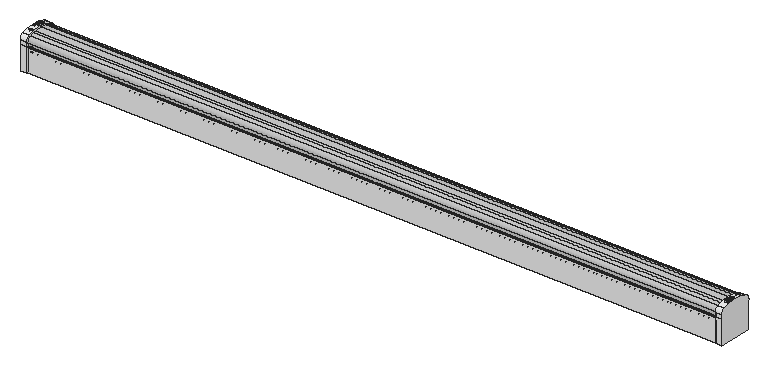
Revit family "Clevertronics_EPIC-1500-LP", category Lighting Fixtures, host Face, Revit 2020
Family settings
  Host = Face
  Round Connector Dimension = Use Diameter
  Part Type = Normal
  Cut with Voids When Loaded = No
  Light Source = Yes
  Shared = No
  Room Calculation Point = No
Parameters (values of type "EPIC-1500-LP-HVG_AUB02910190001")
  Wattage = 46.75 W
  built-in parameter 1150110 = 1 (stored number, unit not read)
  built-in parameter 1150109 = 1 (stored number, unit not read)
  built-in parameter 1150134 = 12
  built-in parameter 1150113 = 1 (stored number, unit not read)
  Tilt Angle = -90.00°
  Photometric Web File = "EPIC-1500-4K_IESA_G_TUV7191314725_20230817.IES"
  Model = "EPIC-1500-LP-HVG"
  Manufacturer = "Clevertronics"  # constant formula
  Emit from Line Length = 609.6 mm
  Description = "Epic 1500mm Diffused Emergency Batten, LP, Switchable Colour, Zoneworks XT Hive"
  CreatedBy = ""
  Clevertronics_Width = 72 mm
  Clevertronics_Weight = "2.2 Kg"
  Clevertronics_Viewing Distance = "N/A"
  Clevertronics_Total Lumen Output = "6117 lm (130.8 lm/W)"
  Clevertronics_Testing System = "Zoneworks XT HIVE (RF) 2.4GHz"
  Clevertronics_Testing Node = "8003191"
  Clevertronics_Supply Current = "180mA +/- 20mA"
  Clevertronics_Replacement Battery = "1550230"
  Clevertronics_Product Description = "Epic 1500mm Diffused Emergency Batten, LP, Switchable Colour, Zoneworks XT Hive"
  Clevertronics_Power Factor = "0.90 @ High Output"
  Clevertronics_Power Consumption = "46.75W"
  Clevertronics_Other Modules = ""
  Clevertronics_Operating Voltage = "220-240V~ 50Hz"
  Clevertronics_Operating Temperature = "1°C to 40°C"
  Clevertronics_Operating Mode = "Sustained"
  Clevertronics_Mounting = "Surface Mount"
  Clevertronics_Material = Clevertronics_Plycarbonate Base
  Lumens = 6114.9 lm
  built-in parameter 1114217 = 1 (stored number, unit not read)
  built-in parameter 1150115 = 1 (stored number, unit not read)
  built-in parameter 1150105 = 486.61 (stored number, unit not read)
  built-in parameter 1150137 = 1
  built-in parameter 1150139 = (empty or 0)
  built-in parameter 1150112 = 1 (stored number, unit not read)
  built-in parameter 1150114 = 1 (stored number, unit not read)
  Lamp = "Dual LED strip module, 3000K warm white, 5700K cool white, >50,000hr life, Ra>80__L70/B50 Ta 40°C; Reported >54,000hr, Projected 158,000hr__L80/B50 Ta 40°C; Reported >54,000hr, Projected 99,000hr"
  built-in parameter 1150132 = (empty or 0)
  built-in parameter 1150102 = (empty or 0)
  built-in parameter 1150138 = (empty or 0)
  built-in parameter 1150107 = 4000 (stored number, unit not read)
  built-in parameter 1150106 = 4.8661 (stored number, unit not read)
  built-in parameter 1150104 = 12.152 (stored number, unit not read)
  Dimming Lamp Color Temperature Shift = <None>
  Default Elevation = 1200 mm
  Color Filter = 16777215
  Clevertronics_Stacked Symbol Position [instance] = 0
  Clevertronics_MIC Number = "AUB02910190001"
  Clevertronics_Length = 1533 mm
  Clevertronics_Inrush Current = "28.4A, <88µs"
  Clevertronics_Impact Rating = "IK03"
  Clevertronics_IP Rating = "IP20"
  Clevertronics_Height = 78 mm
  Clevertronics_Emergency Driver = "LED: 1330069, EM: AUM02970010002"
  Clevertronics_Earth Leakage = "0.152mA"
  Clevertronics_Driver/ Ballast = "LC 57W, 700-1050mA, flexC Ip SNC4"
  Clevertronics_Dimensions Main Enclosure = "L 1533mm x W 72mm x H 78mm"
  Clevertronics_Diffuser = "Co-extruded IP40 PC Diffuser Assembly"
  Clevertronics_Construction = "Powder Coated Sheet Metal Base, Co-extruded IP40 PC Diffuser Assembly, PC End Caps"
  Clevertronics_Charger Method = "Intelligent current limited constant voltage"
  Clevertronics_Battery Type = "Lithium Iron Phosphate"
  Clevertronics_Battery = "3.2V 6400mAh"
  Clevertronics_Applicable Standards = "AS/NZS3820, CISPR15, AS/NZS2293.3"
  Clevertronics_Annotation Vertical Offset [instance] = 0 mm
  Clevertronics_Annotation Size = 0 mm
  Clevertronics_Annotation Horizontal Offset [instance] = 0 mm
  Clevertronics_AS2293 Classification = "C0=D63 C90=D40"
  built-in parameter 1140040 [instance] = 1
  built-in parameter 1114218 = 1 (stored number, unit not read)
  built-in parameter 1150133 = 10 (stored number, unit not read)
  Assembly Code = ""
  Apparent Load = 0 VA
Types (4, lengths in mm): name | Wattage | Model | Description | Clevertronics_Total Lumen Output | Clevertronics_Testing System | Clevertronics_Testing Node | Clevertronics_Product Description | Clevertronics_Power Consumption | Lumens | built-in parameter 1150105 | built-in parameter 1150106 | built-in parameter 1150104 | Clevertronics_MIC Number | Clevertronics_Inrush Current | Clevertronics_Emergency Driver | Clevertronics_Earth Leakage | Clevertronics_AS2293 Classification
  EPIC-1500-LP_AUB02310320001 | 45.73 W | "EPIC-1500-LP" | "Epic 1500mm Diffused Batten, LP, Switchable Colour & Output, Clevertest Plus" | "6117 lm (133.7 lm/W)" | "Clevertest Plus Enabled (Not activated by default)" | "N/A" | "Epic 1500mm Diffused Batten, LP, Switchable Colour & Output, Clevertest Plus" | "47.61W" | 6114.1 lm | 486.54 (stored number, unit not read) | 4.8654 (stored number, unit not read) | 12.421 (stored number, unit not read) | "AUB02310320001" | "" | "LED: 1330069, EM: AUM02370050002" | "0.427mA" | "C0=D63, C90=D40, C180=D63, C270=D40"
  EPIC-1500-LP-HV_AUB02810220001 | 46.03 W | "EPIC-1500-LP-HV" | "Epic 1500mm Diffused Emergency Batten, LP, Switchable Colour, Zoneworks XT Hive" | "6117 lm (133 lm/W)" | "Zoneworks XT HIVE (RF)" | "8003191" | "Epic 1500mm Diffused Emergency Batten, LP, Switchable Colour, Zoneworks XT Hive" | "46.03W" | 6121.99 lm | 487.17 (stored number, unit not read) | 4.8717 (stored number, unit not read) | 12.356 (stored number, unit not read) | "AUB02810220001" | "" | "LED: 1330069, EM: AUM02870110002" | "0.427mA" | "C0=D63 C90=D40"
  EPIC-1500-LP-HVG_AUB02910190001 | 46.75 W | "EPIC-1500-LP-HVG" | "Epic 1500mm Diffused Emergency Batten, LP, Switchable Colour, Zoneworks XT Hive" | "6117 lm (130.8 lm/W)" | "Zoneworks XT HIVE (RF) 2.4GHz" | "8003191" | "Epic 1500mm Diffused Emergency Batten, LP, Switchable Colour, Zoneworks XT Hive" | "46.75W" | 6114.9 lm | 486.61 (stored number, unit not read) | 4.8661 (stored number, unit not read) | 12.152 (stored number, unit not read) | "AUB02910190001" | "28.4A, <88µs" | "LED: 1330069, EM: AUM02970010002" | "0.152mA" | "C0=D63 C90=D40"
  EPIC-1500-LP-D2_AUB02211200001 | 46.75 W | "EPIC-1500-LP-D2" | "Epic 1500mm Diffused Emergency Batten, LP, Switchable Colour, DALI-2" | "6117 lm (130.8lm/W)" | "DALI-2" | "8003062" | "Epic 1500mm Diffused Emergency Batten, LP, Switchable Colour, DALI-2" | "46.75W" | 6114.9 lm | 486.61 (stored number, unit not read) | 4.8661 (stored number, unit not read) | 12.152 (stored number, unit not read) | "AUB02211200001" | "28.4A, <88µs" | "LED: 1330069, EM: AUM02270540001" | "0.152mA" | "C0=D63 C90=D40"
Reference planes
  plane 1 "Center (Front/Back)": y = 0
  plane 2: z = 0
  plane 3 "Center (Left/Right)": x = 0
  plane 4: y = -16.746
  plane 5: x = 759.289
Forms (mm)
  Extrusion 1, solid, material "Clevertronics_Metal, Powder Coated, White"
    sketch origin (0, 0, 0) x (0, 1, 0) y (0, 0, 1)
      loop
        line (-34, 47.888) -> (-34, 0) -> (34, 0) -> (34, 47.888) -> (-34, 47.888)
    from -752.5 to 752.5
  Extrusion 2, solid, material "Clevertronics_Metal, Powder Coated, White"
    sketch origin (0, 0, 0) x (0, 1, 0) y (0, 0, 1)
      loop
        line (-36, 52.408) -> (-36, 0) -> (36, 0) -> (36, 52.408) -> (36, 60.131)
        arc (36, 60.131) -> (33.916, 66.575) -> (28.656, 70.839) r 11.905
        arc (28.656, 70.839) -> (14.609, 75.128) -> (0, 76.645) r 76.257
        arc (0, 76.645) -> (-14.609, 75.128) -> (-28.656, 70.839) r 76.257
        arc (-28.656, 70.839) -> (-33.916, 66.575) -> (-36, 60.131) r 11.905
        line (-36, 60.131) -> (-36, 52.408)
    from 752.5 to 766.5
  Extrusion 3, solid, material "Clevertronics_Metal, Powder Coated, White"
    sketch origin (0, 0, 0) x (0, 1, 0) y (0, 0, -1)
      loop
        line (-36, -52.408) -> (-36, -60.131)
        arc (-36, -60.131) -> (-33.916, -66.575) -> (-28.656, -70.839) r 11.905
        arc (-28.656, -70.839) -> (-14.609, -75.128) -> (0, -76.645) r 76.257
        arc (0, -76.645) -> (14.609, -75.128) -> (28.656, -70.839) r 76.257
        arc (28.656, -70.839) -> (33.916, -66.575) -> (36, -60.131) r 11.905
        line (36, -60.131) -> (36, -52.408) -> (36, 0) -> (-36, 0) -> (-36, -52.408)
    from 752.5 to 766.5
  Extrusion 4, solid, material "Clevertronics_Diffuser"
    sketch origin (0, 0, 0) x (0, 1, 0) y (0, 0, 1)
      loop
        line (-34.069, 59.777) -> (-34.069, 51.88)
        arc (-34.069, 51.88) -> (-33.924, 50.796) -> (-33.5, 49.788) r 4.133
        arc (-33.5, 49.788) -> (-32.498, 48.413) -> (-30.88, 47.888) r 2.757
        line (-30.88, 47.888) -> (-28.532, 47.888)
        arc (-28.532, 47.888) -> (-27.825, 47.595) -> (-27.532, 46.888) r 1
        line (-27.532, 46.888) -> (-27.532, 42.271)
        arc (-27.532, 42.271) -> (-27.672, 41.769) -> (-28.05, 41.41) r 0.975
        arc (-28.05, 41.41) -> (-28.547, 41.043) -> (-28.86, 40.51) r 1.534
        arc (-28.86, 40.51) -> (-28.861, 39.627) -> (-28.395, 38.877) r 1.604
        arc (-28.395, 38.877) -> (-27.949, 38.586) -> (-27.659, 38.14) r 1.288
        arc (-27.659, 38.14) -> (-27.538, 37.699) -> (-27.532, 37.243) r 1.808
        line (-27.532, 37.243) -> (-27.532, 36.166) -> (-26.332, 36.166) -> (-26.332, 37.545)
        arc (-26.332, 37.545) -> (-26.601, 38.712) -> (-27.354, 39.643) r 2.666
        arc (-27.354, 39.643) -> (-27.655, 40.035) -> (-27.354, 40.427) r 0.406
        arc (-27.354, 40.427) -> (-26.657, 41.181) -> (-26.34, 42.157) r 2.392
        line (-26.34, 42.157) -> (-26.34, 42.98)
        arc (-26.34, 42.98) -> (-26.107, 43.299) -> (-25.732, 43.421) r 0.64
        line (-25.732, 43.421) -> (-24.946, 43.421) -> (-24.946, 44.426) -> (-25.759, 44.426)
        arc (-25.759, 44.426) -> (-26.144, 44.574) -> (-26.331, 44.943) r 0.575
        arc (-26.331, 44.943) -> (-26.103, 45.493) -> (-25.552, 45.721) r 0.779
        line (-25.552, 45.721) -> (-19.532, 45.721) -> (-19.532, 44.426) -> (-21.232, 44.426) -> (-21.232, 43.421) -> (0, 43.421) -> (21.232, 43.421) -> (21.232, 44.426) -> (19.532, 44.426) -> (19.532, 45.721) -> (25.552, 45.721)
        arc (25.552, 45.721) -> (26.103, 45.493) -> (26.331, 44.943) r 0.779
        arc (26.331, 44.943) -> (26.144, 44.574) -> (25.759, 44.426) r 0.575
        line (25.759, 44.426) -> (24.946, 44.426) -> (24.946, 43.421) -> (25.732, 43.421)
        arc (25.732, 43.421) -> (26.107, 43.299) -> (26.34, 42.98) r 0.64
        line (26.34, 42.98) -> (26.34, 42.157)
        arc (26.34, 42.157) -> (26.657, 41.181) -> (27.354, 40.427) r 2.392
        arc (27.354, 40.427) -> (27.655, 40.035) -> (27.354, 39.643) r 0.406
        arc (27.354, 39.643) -> (26.601, 38.712) -> (26.332, 37.545) r 2.666
        line (26.332, 37.545) -> (26.332, 36.166) -> (27.532, 36.166) -> (27.532, 37.243)
        arc (27.532, 37.243) -> (27.538, 37.699) -> (27.659, 38.14) r 1.808
        arc (27.659, 38.14) -> (27.949, 38.586) -> (28.395, 38.877) r 1.288
        arc (28.395, 38.877) -> (28.861, 39.627) -> (28.86, 40.51) r 1.604
        arc (28.86, 40.51) -> (28.547, 41.043) -> (28.05, 41.41) r 1.534
        arc (28.05, 41.41) -> (27.672, 41.769) -> (27.532, 42.271) r 0.975
        line (27.532, 42.271) -> (27.532, 46.888)
        arc (27.532, 46.888) -> (27.825, 47.595) -> (28.532, 47.888) r 1
        line (28.532, 47.888) -> (30.88, 47.888)
        arc (30.88, 47.888) -> (32.498, 48.413) -> (33.5, 49.788) r 2.757
        arc (33.5, 49.788) -> (33.924, 50.796) -> (34.069, 51.88) r 4.133
        line (34.069, 51.88) -> (34.069, 59.777)
        arc (34.069, 59.777) -> (32.342, 65.394) -> (27.757, 69.07) r 9.998
        arc (27.757, 69.07) -> (23.38, 70.69) -> (18.934, 72.108) r 101.656
        arc (18.934, 72.108) -> (16.467, 72.704) -> (13.989, 73.25) r 123.107
        arc (13.989, 73.25) -> (7.022, 74.221) -> (0, 74.623) r 86.5
        arc (0, 74.623) -> (-7.022, 74.221) -> (-13.989, 73.25) r 86.5
        arc (-13.989, 73.25) -> (-16.478, 72.752) -> (-18.934, 72.108) r 43.176
        arc (-18.934, 72.108) -> (-23.38, 70.69) -> (-27.757, 69.07) r 101.656
        arc (-27.757, 69.07) -> (-32.342, 65.394) -> (-34.069, 59.777) r 9.998
      loop
        line (-16.282, 45.721) -> (-18.118, 45.721)
        arc (-18.118, 45.721) -> (-18.532, 45.074) -> (-18.118, 44.426) r 0.713
        line (-18.118, 44.426) -> (0, 44.426) -> (18.118, 44.426)
        arc (18.118, 44.426) -> (18.532, 45.074) -> (18.118, 45.721) r 0.713
        line (18.118, 45.721) -> (16.282, 45.721) -> (16.282, 46.721) -> (25.799, 46.721)
        arc (25.799, 46.721) -> (26.268, 46.901) -> (26.498, 47.347) r 0.703
        arc (26.498, 47.347) -> (27.192, 48.509) -> (28.457, 48.991) r 2.062
        line (28.457, 48.991) -> (30.88, 48.888)
        arc (30.88, 48.888) -> (31.806, 49.132) -> (32.431, 49.857) r 1.617
        arc (32.431, 49.857) -> (32.728, 50.49) -> (32.978, 51.144) r 9.501
        line (32.978, 51.144) -> (33.071, 51.926) -> (33.071, 59.777)
        arc (33.071, 59.777) -> (31.56, 64.77) -> (27.534, 68.087) r 9.005
        arc (27.534, 68.087) -> (25.319, 68.975) -> (23.078, 69.798) r 82.593
        line (23.078, 69.798) -> (18.668, 71.135) -> (14.068, 72.23)
        arc (14.068, 72.23) -> (9.433, 72.986) -> (4.76, 73.456) r 76.595
        line (4.76, 73.456) -> (0, 73.622) -> (-4.76, 73.456)
        arc (-4.76, 73.456) -> (-9.433, 72.986) -> (-14.068, 72.23) r 76.595
        line (-14.068, 72.23) -> (-18.668, 71.135) -> (-23.078, 69.798)
        arc (-23.078, 69.798) -> (-25.319, 68.975) -> (-27.534, 68.087) r 82.593
        arc (-27.534, 68.087) -> (-31.56, 64.77) -> (-33.071, 59.777) r 9.005
        line (-33.071, 59.777) -> (-33.071, 51.926) -> (-32.978, 51.144)
        arc (-32.978, 51.144) -> (-32.728, 50.49) -> (-32.431, 49.857) r 9.501
        arc (-32.431, 49.857) -> (-31.806, 49.132) -> (-30.88, 48.888) r 1.617
        line (-30.88, 48.888) -> (-28.457, 48.991)
        arc (-28.457, 48.991) -> (-27.192, 48.509) -> (-26.498, 47.347) r 2.062
        arc (-26.498, 47.347) -> (-26.268, 46.901) -> (-25.799, 46.721) r 0.703
        line (-25.799, 46.721) -> (-16.282, 46.721) -> (-16.282, 45.721)
    from -751.5 to 752.5
  Extrusion 5, void
    sketch origin (0, 0, 0) x (1, 0, 0) y (0, 1, 0)
      loop
        arc (-762.875, -15.866) -> (-763.266, -16.003) -> (-763.487, -16.353) r 0.629
        line (-763.487, -16.353) -> (-763.487, -17.138)
        arc (-763.487, -17.138) -> (-763.266, -17.489) -> (-762.875, -17.625) r 0.629
        line (-762.875, -17.625) -> (-759.68, -17.625)
        arc (-759.68, -17.625) -> (-759.248, -17.624) -> (-758.88, -17.85) r 0.787
        line (-758.88, -17.85) -> (-758.88, -18.685)
        arc (-758.88, -18.685) -> (-758.564, -18.984) -> (-758.151, -18.847) r 0.423
        line (-758.151, -18.847) -> (-756.044, -17.169)
        arc (-756.044, -17.169) -> (-755.779, -16.746) -> (-756.044, -16.322) r 0.471
        line (-756.044, -16.322) -> (-758.151, -14.644)
        arc (-758.151, -14.644) -> (-758.564, -14.507) -> (-758.88, -14.806) r 0.423
        line (-758.88, -14.806) -> (-758.88, -15.641)
        arc (-758.88, -15.641) -> (-759.248, -15.868) -> (-759.68, -15.866) r 0.787
        line (-759.68, -15.866) -> (-762.875, -15.866)
    from 73.831 to 75.439
  Extrusion 6, void
    sketch origin (776.035, 776.025, 0) x (0, 1, 0) y (-1, 0, 0)
      loop
        line (-762.875, 15.866) -> (-759.68, 15.866)
        arc (-759.68, 15.866) -> (-759.248, 15.868) -> (-758.88, 15.641) r 0.787
        line (-758.88, 15.641) -> (-758.88, 14.806)
        arc (-758.88, 14.806) -> (-758.564, 14.507) -> (-758.151, 14.644) r 0.423
        line (-758.151, 14.644) -> (-756.044, 16.322)
        arc (-756.044, 16.322) -> (-755.779, 16.746) -> (-756.044, 17.169) r 0.471
        line (-756.044, 17.169) -> (-758.151, 18.847)
        arc (-758.151, 18.847) -> (-758.564, 18.984) -> (-758.88, 18.685) r 0.423
        line (-758.88, 18.685) -> (-758.88, 17.85)
        arc (-758.88, 17.85) -> (-759.248, 17.624) -> (-759.68, 17.625) r 0.787
        line (-759.68, 17.625) -> (-762.875, 17.625)
        arc (-762.875, 17.625) -> (-763.266, 17.489) -> (-763.487, 17.138) r 0.629
        line (-763.487, 17.138) -> (-763.487, 16.353)
        arc (-763.487, 16.353) -> (-763.266, 16.003) -> (-762.875, 15.866) r 0.629
    from 73.14 to 75.771
  Extrusion 7, solid
    sketch origin (0, 7.92, 1.026) x (1, 0, 0) y (0, 0.994522, 0.104528)
      loop
        circle (756.915, -14.552) r 1.585
      loop
        circle (756.915, -14.552) r 0.832
      loop
        line (758.685, -12.669) -> (758.685, -11.855) -> (757.354, -11.855)
        arc (757.354, -11.855) -> (756.667, -10.299) -> (756.062, -11.888) r 0.919
        line (756.062, -11.888) -> (755.253, -11.888) -> (755.253, -12.669) -> (758.685, -12.669)
      loop
        line (756.97, -9.252) -> (756.97, -7.635) -> (755.973, -7.998)
        arc (755.973, -7.998) -> (756.448, -10.019) -> (757.834, -8.474) r 1.171
        line (757.834, -8.474) -> (757.279, -7.682) -> (757.207, -8.501)
        arc (757.207, -8.501) -> (757.385, -8.97) -> (756.97, -9.252) r 0.405
      loop
        line (756.586, -9.25) -> (756.586, -8.453)
        arc (756.586, -8.453) -> (756.188, -8.852) -> (756.586, -9.25) r 0.398
      loop
        line (758.008, -5.855) -> (758.008, -5.046) -> (756.586, -5.046)
        arc (756.586, -5.046) -> (755.87, -5.659) -> (756.362, -6.462) r 0.726
        line (756.362, -6.462) -> (755.567, -6.462) -> (755.567, -7.267) -> (758.008, -7.267) -> (758.008, -6.462) -> (756.541, -6.462)
        arc (756.541, -6.462) -> (756.669, -6.038) -> (757.073, -5.855) r 0.536
        line (757.073, -5.855) -> (758.008, -5.855)
      loop
        line (760.183, -15.075) -> (760.183, -15.879) -> (762.558, -15.879)
        arc (762.558, -15.879) -> (763.049, -15.624) -> (763.121, -15.075) r 0.6
        arc (763.121, -15.075) -> (762.729, -14.583) -> (762.337, -15.075) r 0.402
        line (762.337, -15.075) -> (760.183, -15.075)
      loop
        line (763.082, -14.251) -> (763.082, -13.444) -> (761.94, -13.444)
        arc (761.94, -13.444) -> (761.638, -13.142) -> (761.94, -12.84) r 0.302
        line (761.94, -12.84) -> (763.082, -12.84) -> (763.082, -12.05) -> (761.66, -12.05)
        arc (761.66, -12.05) -> (760.891, -12.54) -> (761.012, -13.444) r 0.848
        line (761.012, -13.444) -> (760.183, -13.444) -> (760.183, -14.251) -> (763.082, -14.251)
      loop
        line (760.981, -10.711) -> (760.981, -11.517) -> (763.082, -11.517) -> (763.082, -10.711) -> (760.981, -10.711)
      loop
        line (760.848, -11.114) -> (760.087, -10.837) -> (759.327, -11.114) -> (760.087, -11.391) -> (760.848, -11.114)
      loop
        arc (760.715, -7.107) -> (759.937, -8.247) -> (760.675, -9.414) r 1.256
        line (760.675, -9.414) -> (762.067, -8.8)
        arc (762.067, -8.8) -> (762.681, -9.059) -> (762.389, -9.658) r 0.459
        line (762.389, -9.658) -> (762.668, -10.425)
        arc (762.668, -10.425) -> (763.224, -8.903) -> (761.861, -8.026) r 1.297
        arc (761.861, -8.026) -> (761.334, -8.609) -> (760.548, -8.613) r 0.975
        arc (760.548, -8.613) -> (760.578, -8.126) -> (760.991, -7.865) r 0.537
        line (760.991, -7.865) -> (760.715, -7.107)
      loop
        line (762.23, -5.659) -> (762.23, -4.043) -> (761.232, -4.406)
        arc (761.232, -4.406) -> (761.707, -6.426) -> (763.093, -4.881) r 1.171
        line (763.093, -4.881) -> (762.538, -4.089) -> (762.467, -4.908)
        arc (762.467, -4.908) -> (762.644, -5.377) -> (762.23, -5.659) r 0.405
      loop
        line (761.846, -5.657) -> (761.846, -4.861)
        arc (761.846, -4.861) -> (761.447, -5.259) -> (761.846, -5.657) r 0.398
      loop
        line (763.302, -2.27) -> (763.302, -1.462) -> (761.881, -1.462)
        arc (761.881, -1.462) -> (761.164, -2.074) -> (761.656, -2.878) r 0.726
        line (761.656, -2.878) -> (760.861, -2.878) -> (760.861, -3.682) -> (763.302, -3.682) -> (763.302, -2.878) -> (761.835, -2.878)
        arc (761.835, -2.878) -> (761.963, -2.453) -> (762.367, -2.27) r 0.536
        line (762.367, -2.27) -> (763.302, -2.27)
      loop
        line (759.93, 1.254) -> (759.93, 0.44) -> (761.261, 0.44)
        arc (761.261, 0.44) -> (761.948, -1.115) -> (762.553, 0.473) r 0.919
        line (762.553, 0.473) -> (763.361, 0.473) -> (763.361, 1.254) -> (759.93, 1.254)
    from 74.623 to 76.633
  Extrusion 8, solid
    sketch origin (0.416, -5.13, 0.438) x (-1, 0, 0) y (0, -0.997564, 0.069756)
      loop
        circle (762.369, -15.185) r 1.585
      loop
        circle (762.369, -15.185) r 0.832
      loop
        line (758.997, -12.591) -> (758.997, -11.777) -> (757.667, -11.777)
        arc (757.667, -11.777) -> (756.98, -10.221) -> (756.374, -11.81) r 0.919
        line (756.374, -11.81) -> (755.566, -11.81) -> (755.566, -12.591) -> (758.997, -12.591)
      loop
        line (757.283, -9.174) -> (757.283, -7.557) -> (756.286, -7.92)
        arc (756.286, -7.92) -> (756.76, -9.941) -> (758.146, -8.396) r 1.171
        line (758.146, -8.396) -> (757.592, -7.604) -> (757.52, -8.423)
        arc (757.52, -8.423) -> (757.698, -8.892) -> (757.283, -9.174) r 0.405
      loop
        line (756.899, -9.172) -> (756.899, -8.375)
        arc (756.899, -8.375) -> (756.501, -8.774) -> (756.899, -9.172) r 0.398
      loop
        line (758.32, -5.777) -> (758.32, -4.968) -> (756.899, -4.968)
        arc (756.899, -4.968) -> (756.182, -5.581) -> (756.675, -6.384) r 0.726
        line (756.675, -6.384) -> (755.879, -6.384) -> (755.879, -7.189) -> (758.32, -7.189) -> (758.32, -6.384) -> (756.854, -6.384)
        arc (756.854, -6.384) -> (756.981, -5.96) -> (757.385, -5.777) r 0.536
        line (757.385, -5.777) -> (758.32, -5.777)
      loop
        line (760.785, -12.278) -> (760.785, -13.082) -> (763.16, -13.082)
        arc (763.16, -13.082) -> (763.651, -12.827) -> (763.723, -12.278) r 0.6
        arc (763.723, -12.278) -> (763.331, -11.786) -> (762.939, -12.278) r 0.402
        line (762.939, -12.278) -> (760.785, -12.278)
      loop
        line (763.572, -11.469) -> (763.572, -10.663) -> (762.43, -10.663)
        arc (762.43, -10.663) -> (762.128, -10.361) -> (762.43, -10.058) r 0.302
        line (762.43, -10.058) -> (763.572, -10.058) -> (763.572, -9.268) -> (762.15, -9.268)
        arc (762.15, -9.268) -> (761.381, -9.759) -> (761.502, -10.663) r 0.848
        line (761.502, -10.663) -> (760.673, -10.663) -> (760.673, -11.469) -> (763.572, -11.469)
      loop
        line (762.653, -2.19) -> (762.653, -0.574) -> (761.656, -0.937)
        arc (761.656, -0.937) -> (762.13, -2.957) -> (763.516, -1.412) r 1.171
        line (763.516, -1.412) -> (762.962, -0.62) -> (762.89, -1.439)
        arc (762.89, -1.439) -> (763.068, -1.908) -> (762.653, -2.19) r 0.405
      loop
        line (762.269, -2.188) -> (762.269, -1.392)
        arc (762.269, -1.392) -> (761.871, -1.79) -> (762.269, -2.188) r 0.398
      loop
        line (763.725, 1.199) -> (763.725, 2.007) -> (762.304, 2.007)
        arc (762.304, 2.007) -> (761.587, 1.395) -> (762.08, 0.591) r 0.726
        line (762.08, 0.591) -> (761.284, 0.591) -> (761.284, -0.213) -> (763.725, -0.213) -> (763.725, 0.591) -> (762.259, 0.591)
        arc (762.259, 0.591) -> (762.386, 1.016) -> (762.79, 1.199) r 0.536
        line (762.79, 1.199) -> (763.725, 1.199)
      loop
        line (760.353, 4.723) -> (760.353, 3.909) -> (761.684, 3.909)
        arc (761.684, 3.909) -> (762.371, 2.354) -> (762.976, 3.942) r 0.919
        line (762.976, 3.942) -> (763.785, 3.942) -> (763.785, 4.723) -> (760.353, 4.723)
      loop
        circle (757.132, -14.435) r 1.585
      loop
        circle (757.132, -14.435) r 0.832
      loop
        line (762.634, -8.001) -> (762.634, -6.384) -> (761.637, -6.747)
        arc (761.637, -6.747) -> (762.112, -8.768) -> (763.498, -7.223) r 1.171
        line (763.498, -7.223) -> (762.943, -6.431) -> (762.871, -7.25)
        arc (762.871, -7.25) -> (763.049, -7.719) -> (762.634, -8.001) r 0.405
      loop
        line (762.25, -7.999) -> (762.25, -7.202)
        arc (762.25, -7.202) -> (761.852, -7.601) -> (762.25, -7.999) r 0.398
      loop
        line (763.532, -6.04) -> (763.532, -5.23) -> (762.75, -5.23)
        arc (762.75, -5.23) -> (762.321, -5.028) -> (762.204, -4.568) r 0.557
        line (762.204, -4.568) -> (761.414, -4.415) -> (761.823, -5.275)
        arc (761.823, -5.275) -> (761.43, -5.239) -> (761.037, -5.207) r 35.189
        line (761.037, -5.207) -> (761.037, -6.04) -> (763.532, -6.04)
    from 74.623 to 76.633
Cuts and joins
  Extrusion 5 cuts Extrusion 3
  Extrusion 6 cuts Extrusion 2
Dimensions and locks
  aligned and locked: host face to plane 2
  aligned and locked: host face to level
Connectors
  electrical at (0, 0, 0)
    settings: on Extrusion 1, index 1, voltage 220 V, apparent load 0 VA, apparent load phase1 53 VA, apparent load phase2 0 VA, apparent load phase3 0 VA, power factor 0.9, load classification "Other", number of poles 1, system type 31, power factor state 1, is connector primary yes, connector utility no, sub classification motor no, connector description ""
